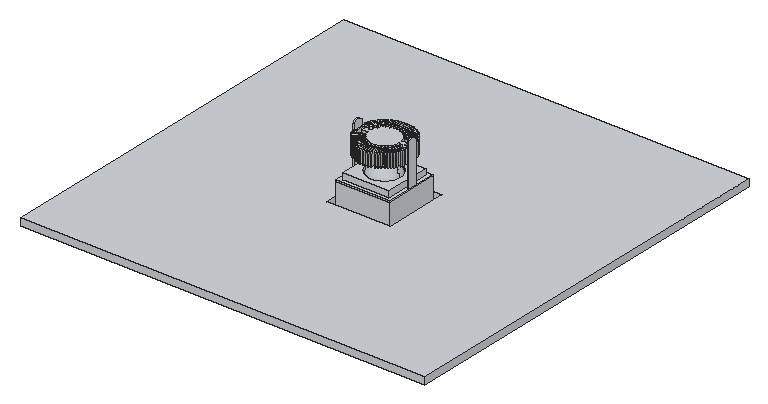
Revit family "Ambiance-X100-Square", category Lighting Fixtures, Revit 2014
Parameters (values of type "Ambiance X100 - Square")
  Wattage Comments = "15.2"
  Wattage = 8.3 W
  built-in parameter 1150110 = 1 (stored number, unit not read)
  Type Comments = "Recessed"
  Type = "Recessed Downlighter"
  built-in parameter 1114217 = 1 (stored number, unit not read)
  Tilt Angle = 90.00°
  built-in parameter 1150109 = 1 (stored number, unit not read)
  built-in parameter 1150134 = (empty or 0)
  built-in parameter 1150113 = 1 (stored number, unit not read)
  Photometric Web File = "G2064.ies"
  Dimension (mm) = "100 x 100"
  Model = "Ambiance X100 - Square"
  Manufacturer = "Designed Architectural Lighting"
  Luminous flux of luminaire (lm) = "Up to 2000 lumens"
  Lumens = 1049.95 lm
  built-in parameter 1150115 = 1 (stored number, unit not read)
  built-in parameter 1150105 = 83.552 (stored number, unit not read)
  built-in parameter 1150137 = (empty or 0)
  built-in parameter 1150139 = (empty or 0)
  built-in parameter 1150112 = 1 (stored number, unit not read)
  built-in parameter 1150114 = 1 (stored number, unit not read)
  Lamp = "LED"
  built-in parameter 1150132 = (empty or 0)
  built-in parameter 1150102 = (empty or 0)
  built-in parameter 1150138 = (empty or 0)
  built-in parameter 1150107 = 3000 (stored number, unit not read)
  built-in parameter 1150106 = 0.83552 (stored number, unit not read)
  Height (mm) = "120"
  built-in parameter 1150104 = 11.752 (stored number, unit not read)
  Dimming Lamp Color Temperature Shift = <None>
  Description = "Recessed LED square downlighter"
  Cut Out (mm) = "95 x 95"
  Colour temperature (K) = "2700 / 3000/ 3500 / 4000"
  Color Filter = 16777215
  CRI = "80"
  built-in parameter 1114218 = 1 (stored number, unit not read)
  built-in parameter 1150133 = 10 (stored number, unit not read)
  Apparent Load = 15.2 VA
  Aperture (mm) = "80 x 80"
Reference planes
  plane 1 "Light Source Axis (F/B)": y = 0
  plane 2: z = 0
  plane 3 "Light Source Axis (L/R)": x = 0
  plane 4 "Light Source Elevation": z = 0
Forms (mm)
  Extrusion 1, solid
    sketch origin (0, 0, 0) x (1, 0, 0) y (0, 1, 0)
      loop
        line (-39.798, 40) -> (-39.798, -40.213) -> (39.884, -40.213) -> (39.884, 40) -> (-39.798, 40)
      loop
        line (-37.877, 38.063) -> (-37.877, -38.256) -> (37.85, -38.256) -> (37.85, 38.063) -> (-37.877, 38.063)
    from 0 to 39.72
  Extrusion 2, solid
    sketch origin (77.864, 1.33, 0) x (1, 0, 0) y (0, 1, 0)
      loop
        line (-40.014, 7.888) -> (-40.014, -5.776) -> (-37.98, -5.776) -> (-37.98, 7.888) -> (-40.014, 7.888)
    from 41.914 to 106.994
  Extrusion 3, void
    sketch origin (0, 2.077, 0.98) x (0, 1, 0) y (0, 0, 1)
      loop
        line (7.756, 98.378) -> (8.702, 98.378) -> (9.094, 105.848) -> (9.094, 107.291) -> (-7.99, 107.291) -> (-7.99, 100.73) -> (-7.36, 98.378)
        arc (-7.36, 98.378) -> (0.198, 105.935) -> (7.756, 98.378) r 7.558
    from 36.907 to 41.154
  Extrusion 4, solid
    sketch origin (-0.079, -0.545, 0) x (1, 0, 0) y (0, 1, 0)
      loop
        line (-39.719, 6.104) -> (-39.719, -7.399) -> (-37.798, -7.399) -> (-37.798, 6.104) -> (-39.719, 6.104)
    from 41.914 to 106.994
  Extrusion 5, void
    sketch origin (-76.006, -1.476, 0.856) x (0, 1, 0) y (0, 0, 1)
      loop
        line (7.756, 98.378) -> (8.122, 100.419) -> (8.122, 107.291) -> (-7.99, 107.291) -> (-7.99, 100.73) -> (-7.36, 98.378)
        arc (-7.36, 98.378) -> (0.198, 105.935) -> (7.756, 98.378) r 7.558
    from 35.2 to 39.278
  Extrusion 6, solid
    sketch origin (-17.5, -62.5, 0) x (1, 0, 0) y (0, 1, 0)
      loop
        line (-282.765, 362.833) -> (-282.765, -237.167) -> (317.235, -237.167) -> (317.235, 362.833) -> (-282.765, 362.833)
      loop
        line (-30.06, 110.675) -> (-30.06, 14.777) -> (64.88, 14.777) -> (64.88, 110.675) -> (-30.06, 110.675)
    from 3.099 to 13.747
  Revolve 7, solid
    sketch origin (0, 0, 0) x (1, 0, 0) y (0, 0, 1)
      loop
        line (24.699, 76.005) -> (0, 76.005) -> (0, 70.593) -> (24.699, 70.593) -> (24.699, 76.005)
      axis (0, 76.005) -> (0, 70.593)
    angle from 0 to 360
  Extrusion 8, solid
    sketch origin (-0.146, 0.745, -0.001) x (0.999137, 0.041546, 0) y (-0.041546, 0.999137, 0)
      loop
        line (8.036, -21.346) -> (9.763, -25.224)
        arc (9.763, -25.224) -> (9.158, -26.377) -> (9.105, -27.677) r 2.965
        line (9.105, -27.677) -> (12.96, -37.219)
        arc (12.96, -37.219) -> (13.673, -37.522) -> (13.976, -36.809) r 0.548
        line (13.976, -36.809) -> (10.23, -27.537)
        arc (10.23, -27.537) -> (10.843, -26.092) -> (12.288, -26.705) r 1.11
        line (12.288, -26.705) -> (16.28, -35.672)
        arc (16.28, -35.672) -> (17.02, -35.956) -> (17.304, -35.216) r 0.56
        line (17.304, -35.216) -> (13.182, -25.959)
        arc (13.182, -25.959) -> (12.31, -24.958) -> (11.028, -24.618) r 2.262
        line (11.028, -24.618) -> (9.403, -20.596) -> (11.989, -19.445) -> (14.463, -22.849)
        arc (14.463, -22.849) -> (14.111, -24.102) -> (14.33, -25.385) r 2.965
        line (14.33, -25.385) -> (20.084, -33.917)
        arc (20.084, -33.917) -> (20.845, -34.065) -> (20.992, -33.305) r 0.548
        line (20.992, -33.305) -> (15.4, -25.014)
        arc (15.4, -25.014) -> (15.7, -23.474) -> (17.241, -23.773) r 1.11
        line (17.241, -23.773) -> (23.009, -31.713)
        arc (23.009, -31.713) -> (23.792, -31.837) -> (23.916, -31.055) r 0.56
        line (23.916, -31.055) -> (17.96, -22.857)
        arc (17.96, -22.857) -> (16.899, -22.059) -> (15.574, -21.994) r 2.262
        line (15.574, -21.994) -> (13.148, -18.397) -> (15.119, -16.427) -> (18.389, -19.585)
        arc (18.389, -19.585) -> (18.26, -20.88) -> (18.699, -22.105) r 2.965
        line (18.699, -22.105) -> (25.847, -29.508)
        arc (25.847, -29.508) -> (26.622, -29.522) -> (26.635, -28.747) r 0.548
        line (26.635, -28.747) -> (19.689, -21.554)
        arc (19.689, -21.554) -> (19.716, -19.985) -> (21.285, -20.012) r 1.11
        line (21.285, -20.012) -> (28.346, -26.83)
        arc (28.346, -26.83) -> (29.138, -26.816) -> (29.124, -26.024) r 0.56
        line (29.124, -26.024) -> (21.835, -18.985)
        arc (21.835, -18.985) -> (20.652, -18.383) -> (19.335, -18.549) r 2.262
        line (19.335, -18.549) -> (16.322, -15.429) -> (18.148, -13.304) -> (21.857, -15.622)
        arc (21.857, -15.622) -> (22.001, -16.916) -> (22.684, -18.023) r 2.965
        line (22.684, -18.023) -> (31.216, -23.778)
        arc (31.216, -23.778) -> (31.976, -23.63) -> (31.828, -22.87) r 0.548
        line (31.828, -22.87) -> (23.538, -17.278)
        arc (23.538, -17.278) -> (23.238, -15.737) -> (24.779, -15.438) r 1.11
        line (24.779, -15.438) -> (33.102, -20.639)
        arc (33.102, -20.639) -> (33.874, -20.461) -> (33.696, -19.689) r 0.56
        line (33.696, -19.689) -> (25.103, -14.319)
        arc (25.103, -14.319) -> (23.821, -13.977) -> (22.567, -14.412) r 2.262
        line (22.567, -14.412) -> (18.971, -11.987) -> (20.87, -9.394) -> (24.954, -10.962)
        arc (24.954, -10.962) -> (25.341, -12.204) -> (26.224, -13.161) r 2.965
        line (26.224, -13.161) -> (35.697, -17.182)
        arc (35.697, -17.182) -> (36.415, -16.892) -> (36.125, -16.174) r 0.548
        line (36.125, -16.174) -> (26.92, -12.267)
        arc (26.92, -12.267) -> (26.332, -10.811) -> (27.787, -10.224) r 1.11
        line (27.787, -10.224) -> (36.95, -13.741)
        arc (36.95, -13.741) -> (37.673, -13.419) -> (37.351, -12.695) r 0.56
        line (37.351, -12.695) -> (27.891, -9.063)
        arc (27.891, -9.063) -> (26.567, -8.972) -> (25.42, -9.639) r 2.262
        line (25.42, -9.639) -> (21.427, -7.944) -> (22.262, -3.209) -> (24.741, -3.209)
        arc (24.741, -3.209) -> (29.592, -5.948) -> (34.984, -7.347) r 21.462
        line (34.984, -7.347) -> (36.065, -8.428) -> (39.133, -8.428) -> (39.133, -7.36) -> (36.601, -7.36) -> (36.601, 7.64) -> (39.186, 7.64) -> (39.186, 8.514) -> (36.351, 8.514) -> (34.984, 7.592) -> (34.984, -2.408)
        arc (34.984, -2.408) -> (34.341, -3.853) -> (32.76, -3.798) r 1.415
        line (32.76, -3.798) -> (31.024, -2.537) -> (31.024, 3.409) -> (22.339, 3.409) -> (21.555, 7.853) -> (25.597, 9.568)
        arc (25.597, 9.568) -> (26.744, 8.901) -> (28.067, 8.992) r 2.262
        line (28.067, 8.992) -> (37.528, 12.624)
        arc (37.528, 12.624) -> (37.85, 13.348) -> (37.126, 13.67) r 0.56
        line (37.126, 13.67) -> (27.963, 10.153)
        arc (27.963, 10.153) -> (26.508, 10.741) -> (27.096, 12.196) r 1.11
        line (27.096, 12.196) -> (36.301, 16.103)
        arc (36.301, 16.103) -> (36.591, 16.821) -> (35.873, 17.111) r 0.548
        line (35.873, 17.111) -> (26.4, 13.09)
        arc (26.4, 13.09) -> (25.518, 12.133) -> (25.13, 10.891) r 2.965
        line (25.13, 10.891) -> (21.047, 9.323) -> (19.147, 11.916) -> (22.744, 14.341)
        arc (22.744, 14.341) -> (23.997, 13.906) -> (25.279, 14.248) r 2.262
        line (25.279, 14.248) -> (33.873, 19.618)
        arc (33.873, 19.618) -> (34.051, 20.39) -> (33.279, 20.568) r 0.56
        line (33.279, 20.568) -> (24.955, 15.367)
        arc (24.955, 15.367) -> (23.415, 15.666) -> (23.714, 17.207) r 1.11
        line (23.714, 17.207) -> (32.005, 22.799)
        arc (32.005, 22.799) -> (32.152, 23.559) -> (31.392, 23.707) r 0.548
        line (31.392, 23.707) -> (22.861, 17.952)
        arc (22.861, 17.952) -> (22.177, 16.845) -> (22.034, 15.551) r 2.965
        line (22.034, 15.551) -> (18.324, 13.233) -> (16.498, 15.358) -> (19.512, 18.478)
        arc (19.512, 18.478) -> (20.828, 18.312) -> (22.011, 18.914) r 2.262
        line (22.011, 18.914) -> (29.3, 25.953)
        arc (29.3, 25.953) -> (29.314, 26.745) -> (28.522, 26.759) r 0.56
        line (28.522, 26.759) -> (21.462, 19.941)
        arc (21.462, 19.941) -> (19.893, 19.914) -> (19.865, 21.483) r 1.11
        line (19.865, 21.483) -> (26.812, 28.676)
        arc (26.812, 28.676) -> (26.798, 29.451) -> (26.024, 29.437) r 0.548
        line (26.024, 29.437) -> (18.875, 22.034)
        arc (18.875, 22.034) -> (18.437, 20.809) -> (18.566, 19.514) r 2.965
        line (18.566, 19.514) -> (15.419, 16.475) -> (13.325, 18.326) -> (15.751, 21.923)
        arc (15.751, 21.923) -> (17.076, 21.988) -> (18.136, 22.786) r 2.262
        line (18.136, 22.786) -> (24.092, 30.984)
        arc (24.092, 30.984) -> (23.969, 31.766) -> (23.186, 31.642) r 0.56
        line (23.186, 31.642) -> (17.417, 23.702)
        arc (17.417, 23.702) -> (15.876, 23.403) -> (15.577, 24.943) r 1.11
        line (15.577, 24.943) -> (21.169, 33.234)
        arc (21.169, 33.234) -> (21.021, 33.994) -> (20.261, 33.846) r 0.548
        line (20.261, 33.846) -> (14.506, 25.315)
        arc (14.506, 25.315) -> (14.287, 24.031) -> (14.639, 22.778) r 2.965
        line (14.639, 22.778) -> (12.068, 19.24) -> (9.579, 20.525) -> (11.204, 24.548)
        arc (11.204, 24.548) -> (12.487, 24.887) -> (13.358, 25.888) r 2.262
        line (13.358, 25.888) -> (17.48, 35.145)
        arc (17.48, 35.145) -> (17.196, 35.885) -> (16.456, 35.601) r 0.56
        line (16.456, 35.601) -> (12.464, 26.634)
        arc (12.464, 26.634) -> (11.02, 26.021) -> (10.406, 27.466) r 1.11
        line (10.406, 27.466) -> (14.152, 36.738)
        arc (14.152, 36.738) -> (13.85, 37.451) -> (13.137, 37.148) r 0.548
        line (13.137, 37.148) -> (9.282, 27.606)
        arc (9.282, 27.606) -> (9.334, 26.306) -> (9.939, 25.153) r 2.965
        line (9.939, 25.153) -> (8.16, 21.157) -> (5.456, 21.949) -> (6.209, 26.222)
        arc (6.209, 26.222) -> (7.393, 26.82) -> (8.038, 27.98) r 2.262
        line (8.038, 27.98) -> (10.144, 37.892)
        arc (10.144, 37.892) -> (9.713, 38.557) -> (9.048, 38.125) r 0.56
        line (9.048, 38.125) -> (7.008, 28.525)
        arc (7.008, 28.525) -> (5.722, 27.625) -> (4.822, 28.91) r 1.11
        line (4.822, 28.91) -> (6.558, 38.758)
        arc (6.558, 38.758) -> (6.114, 39.393) -> (5.48, 38.949) r 0.548
        line (5.48, 38.949) -> (3.693, 28.814)
        arc (3.693, 28.814) -> (4.015, 27.553) -> (4.846, 26.551) r 2.965
        line (4.846, 26.551) -> (3.936, 22.272) -> (0.629, 22.571) -> (0.629, 26.945)
        arc (0.629, 26.945) -> (1.65, 27.752) -> (2.227, 28.919) r 2.965
        line (2.227, 28.919) -> (2.586, 39.204)
        arc (2.586, 39.204) -> (2.058, 39.77) -> (1.492, 39.242) r 0.548
        line (1.492, 39.242) -> (1.143, 29.248)
        arc (1.143, 29.248) -> (-0.005, 28.178) -> (-1.076, 29.325) r 1.11
        line (-1.076, 29.325) -> (-1.076, 39.14)
        arc (-1.076, 39.14) -> (-1.636, 39.7) -> (-2.196, 39.14) r 0.56
        line (-2.196, 39.14) -> (-2.196, 29.007)
        arc (-2.196, 29.007) -> (-1.807, 27.738) -> (-0.773, 26.906) r 2.262
        line (-0.773, 26.906) -> (-0.925, 22.571) -> (-3.664, 22.35) -> (-4.573, 26.629)
        arc (-4.573, 26.629) -> (-3.742, 27.631) -> (-3.42, 28.892) r 2.965
        line (-3.42, 28.892) -> (-5.207, 39.026)
        arc (-5.207, 39.026) -> (-5.842, 39.471) -> (-6.286, 38.836) r 0.548
        line (-6.286, 38.836) -> (-4.55, 28.988)
        arc (-4.55, 28.988) -> (-5.45, 27.703) -> (-6.735, 28.603) r 1.11
        line (-6.735, 28.603) -> (-8.776, 38.203)
        arc (-8.776, 38.203) -> (-9.441, 38.635) -> (-9.872, 37.97) r 0.56
        line (-9.872, 37.97) -> (-7.765, 28.058)
        arc (-7.765, 28.058) -> (-7.121, 26.898) -> (-5.937, 26.3) r 2.262
        line (-5.937, 26.3) -> (-5.184, 22.027) -> (-7.888, 21.235) -> (-9.667, 25.231)
        arc (-9.667, 25.231) -> (-9.062, 26.384) -> (-9.009, 27.684) r 2.965
        line (-9.009, 27.684) -> (-12.864, 37.226)
        arc (-12.864, 37.226) -> (-13.577, 37.529) -> (-13.88, 36.816) r 0.548
        line (-13.88, 36.816) -> (-10.134, 27.544)
        arc (-10.134, 27.544) -> (-10.747, 26.099) -> (-12.192, 26.712) r 1.11
        line (-12.192, 26.712) -> (-16.184, 35.679)
        arc (-16.184, 35.679) -> (-16.924, 35.963) -> (-17.208, 35.223) r 0.56
        line (-17.208, 35.223) -> (-13.086, 25.966)
        arc (-13.086, 25.966) -> (-12.215, 24.965) -> (-10.932, 24.625) r 2.262
        line (-10.932, 24.625) -> (-9.307, 20.603) -> (-11.796, 19.318) -> (-14.367, 22.856)
        arc (-14.367, 22.856) -> (-14.015, 24.109) -> (-14.234, 25.393) r 2.965
        line (-14.234, 25.393) -> (-19.988, 33.924)
        arc (-19.988, 33.924) -> (-20.749, 34.072) -> (-20.897, 33.312) r 0.548
        line (-20.897, 33.312) -> (-15.305, 25.021)
        arc (-15.305, 25.021) -> (-15.604, 23.481) -> (-17.145, 23.78) r 1.11
        line (-17.145, 23.78) -> (-22.914, 31.72)
        arc (-22.914, 31.72) -> (-23.696, 31.844) -> (-23.82, 31.062) r 0.56
        line (-23.82, 31.062) -> (-17.864, 22.864)
        arc (-17.864, 22.864) -> (-16.804, 22.066) -> (-15.478, 22.001) r 2.262
        line (-15.478, 22.001) -> (-13.053, 18.404) -> (-15.147, 16.553) -> (-18.293, 19.592)
        arc (-18.293, 19.592) -> (-18.165, 20.887) -> (-18.603, 22.112) r 2.965
        line (-18.603, 22.112) -> (-25.752, 29.515)
        arc (-25.752, 29.515) -> (-26.526, 29.529) -> (-26.54, 28.754) r 0.548
        line (-26.54, 28.754) -> (-19.593, 21.561)
        arc (-19.593, 21.561) -> (-19.62, 19.992) -> (-21.19, 20.019) r 1.11
        line (-21.19, 20.019) -> (-28.25, 26.837)
        arc (-28.25, 26.837) -> (-29.042, 26.823) -> (-29.028, 26.031) r 0.56
        line (-29.028, 26.031) -> (-21.739, 18.992)
        arc (-21.739, 18.992) -> (-20.556, 18.39) -> (-19.24, 18.556) r 2.262
        line (-19.24, 18.556) -> (-16.226, 15.436) -> (-18.052, 13.311) -> (-21.761, 15.629)
        arc (-21.761, 15.629) -> (-21.905, 16.923) -> (-22.588, 18.03) r 2.965
        line (-22.588, 18.03) -> (-31.12, 23.785)
        arc (-31.12, 23.785) -> (-31.88, 23.637) -> (-31.732, 22.877) r 0.548
        line (-31.732, 22.877) -> (-23.442, 17.285)
        arc (-23.442, 17.285) -> (-23.143, 15.744) -> (-24.683, 15.445) r 1.11
        line (-24.683, 15.445) -> (-33.007, 20.646)
        arc (-33.007, 20.646) -> (-33.779, 20.468) -> (-33.6, 19.696) r 0.56
        line (-33.6, 19.696) -> (-25.007, 14.326)
        arc (-25.007, 14.326) -> (-23.725, 13.984) -> (-22.472, 14.419) r 2.262
        line (-22.472, 14.419) -> (-18.979, 12.063) -> (-20.774, 9.401) -> (-24.858, 10.969)
        arc (-24.858, 10.969) -> (-25.245, 12.211) -> (-26.128, 13.168) r 2.965
        line (-26.128, 13.168) -> (-35.601, 17.189)
        arc (-35.601, 17.189) -> (-36.319, 16.899) -> (-36.029, 16.181) r 0.548
        line (-36.029, 16.181) -> (-26.824, 12.274)
        arc (-26.824, 12.274) -> (-26.236, 10.819) -> (-27.691, 10.231) r 1.11
        line (-27.691, 10.231) -> (-36.854, 13.748)
        arc (-36.854, 13.748) -> (-37.578, 13.426) -> (-37.255, 12.702) r 0.56
        line (-37.255, 12.702) -> (-27.795, 9.07)
        arc (-27.795, 9.07) -> (-26.471, 8.979) -> (-25.324, 9.646) r 2.262
        line (-25.324, 9.646) -> (-21.289, 7.933) -> (-22.142, 3.096) -> (-24.544, 3.096)
        arc (-24.544, 3.096) -> (-29.395, 5.836) -> (-34.788, 7.235) r 21.462
        line (-34.788, 7.235) -> (-35.869, 8.316) -> (-38.936, 8.316) -> (-38.936, 7.247) -> (-36.404, 7.247) -> (-36.404, -7.753) -> (-38.989, -7.753) -> (-38.989, -8.626) -> (-36.154, -8.626) -> (-34.788, -7.705) -> (-34.788, 2.295)
        arc (-34.788, 2.295) -> (-34.144, 3.741) -> (-32.563, 3.686) r 1.415
        line (-32.563, 3.686) -> (-30.827, 2.424) -> (-30.827, -3.521) -> (-22.142, -3.521) -> (-21.155, -7.866) -> (-25.148, -9.561)
        arc (-25.148, -9.561) -> (-26.295, -8.894) -> (-27.619, -8.985) r 2.262
        line (-27.619, -8.985) -> (-37.079, -12.617)
        arc (-37.079, -12.617) -> (-37.401, -13.341) -> (-36.677, -13.663) r 0.56
        line (-36.677, -13.663) -> (-27.514, -10.146)
        arc (-27.514, -10.146) -> (-26.059, -10.734) -> (-26.647, -12.189) r 1.11
        line (-26.647, -12.189) -> (-35.852, -16.096)
        arc (-35.852, -16.096) -> (-36.142, -16.814) -> (-35.424, -17.104) r 0.548
        line (-35.424, -17.104) -> (-25.951, -13.083)
        arc (-25.951, -13.083) -> (-25.069, -12.126) -> (-24.681, -10.884) r 2.965
        line (-24.681, -10.884) -> (-20.598, -9.316) -> (-18.802, -11.978) -> (-22.295, -14.334)
        arc (-22.295, -14.334) -> (-23.548, -13.899) -> (-24.83, -14.241) r 2.262
        line (-24.83, -14.241) -> (-33.424, -19.611)
        arc (-33.424, -19.611) -> (-33.602, -20.383) -> (-32.83, -20.561) r 0.56
        line (-32.83, -20.561) -> (-24.507, -15.36)
        arc (-24.507, -15.36) -> (-22.966, -15.659) -> (-23.266, -17.2) r 1.11
        line (-23.266, -17.2) -> (-31.556, -22.792)
        arc (-31.556, -22.792) -> (-31.704, -23.552) -> (-30.943, -23.7) r 0.548
        line (-30.943, -23.7) -> (-22.412, -17.945)
        arc (-22.412, -17.945) -> (-21.728, -16.838) -> (-21.585, -15.544) r 2.965
        line (-21.585, -15.544) -> (-17.876, -13.226) -> (-16.05, -15.351) -> (-19.063, -18.471)
        arc (-19.063, -18.471) -> (-20.38, -18.305) -> (-21.562, -18.907) r 2.262
        line (-21.562, -18.907) -> (-28.852, -25.946)
        arc (-28.852, -25.946) -> (-28.866, -26.738) -> (-28.073, -26.752) r 0.56
        line (-28.073, -26.752) -> (-21.013, -19.934)
        arc (-21.013, -19.934) -> (-19.444, -19.907) -> (-19.417, -21.476) r 1.11
        line (-19.417, -21.476) -> (-26.363, -28.669)
        arc (-26.363, -28.669) -> (-26.35, -29.444) -> (-25.575, -29.43) r 0.548
        line (-25.575, -29.43) -> (-18.426, -22.027)
        arc (-18.426, -22.027) -> (-17.988, -20.802) -> (-18.117, -19.507) r 2.965
        line (-18.117, -19.507) -> (-14.971, -16.468) -> (-12.876, -18.319) -> (-15.302, -21.916)
        arc (-15.302, -21.916) -> (-16.627, -21.981) -> (-17.688, -22.779) r 2.262
        line (-17.688, -22.779) -> (-23.644, -30.977)
        arc (-23.644, -30.977) -> (-23.52, -31.759) -> (-22.737, -31.635) r 0.56
        line (-22.737, -31.635) -> (-16.968, -23.695)
        arc (-16.968, -23.695) -> (-15.428, -23.396) -> (-15.128, -24.936) r 1.11
        line (-15.128, -24.936) -> (-20.72, -33.227)
        arc (-20.72, -33.227) -> (-20.572, -33.987) -> (-19.812, -33.839) r 0.548
        line (-19.812, -33.839) -> (-14.057, -25.308)
        arc (-14.057, -25.308) -> (-13.838, -24.024) -> (-14.19, -22.771) r 2.965
        line (-14.19, -22.771) -> (-11.619, -19.233) -> (-9.13, -20.518) -> (-10.756, -24.541)
        arc (-10.756, -24.541) -> (-12.038, -24.88) -> (-12.91, -25.881) r 2.262
        line (-12.91, -25.881) -> (-17.031, -35.138)
        arc (-17.031, -35.138) -> (-16.747, -35.878) -> (-16.008, -35.594) r 0.56
        line (-16.008, -35.594) -> (-12.016, -26.627)
        arc (-12.016, -26.627) -> (-10.571, -26.014) -> (-9.958, -27.459) r 1.11
        line (-9.958, -27.459) -> (-13.704, -36.731)
        arc (-13.704, -36.731) -> (-13.401, -37.444) -> (-12.688, -37.141) r 0.548
        line (-12.688, -37.141) -> (-8.833, -27.599)
        arc (-8.833, -27.599) -> (-8.886, -26.299) -> (-9.49, -25.146) r 2.965
        line (-9.49, -25.146) -> (-7.711, -21.15) -> (-5.621, -22.23) -> (-6.224, -26.518)
        arc (-6.224, -26.518) -> (-7.386, -27.158) -> (-7.99, -28.34) r 2.262
        line (-7.99, -28.34) -> (-9.749, -38.319)
        arc (-9.749, -38.319) -> (-9.295, -38.968) -> (-8.646, -38.514) r 0.56
        line (-8.646, -38.514) -> (-6.942, -28.848)
        arc (-6.942, -28.848) -> (-5.688, -27.904) -> (-4.744, -29.157) r 1.11
        line (-4.744, -29.157) -> (-6.135, -39.06)
        arc (-6.135, -39.06) -> (-5.669, -39.678) -> (-5.051, -39.212) r 0.548
        line (-5.051, -39.212) -> (-3.618, -29.021)
        arc (-3.618, -29.021) -> (-3.984, -27.772) -> (-4.85, -26.8) r 2.965
        line (-4.85, -26.8) -> (-4.09, -22.492) -> (-0.819, -23.069) -> (-0.666, -27.446)
        arc (-0.666, -27.446) -> (-1.7, -28.278) -> (-2.089, -29.546) r 2.262
        line (-2.089, -29.546) -> (-2.089, -39.679)
        arc (-2.089, -39.679) -> (-1.529, -40.24) -> (-0.968, -39.679) r 0.56
        line (-0.968, -39.679) -> (-0.968, -29.865)
        arc (-0.968, -29.865) -> (0.102, -28.717) -> (1.25, -29.787) r 1.11
        line (1.25, -29.787) -> (1.599, -39.781)
        arc (1.599, -39.781) -> (2.165, -40.309) -> (2.694, -39.743) r 0.548
        line (2.694, -39.743) -> (2.334, -29.458)
        arc (2.334, -29.458) -> (1.757, -28.291) -> (0.736, -27.484) r 2.965
        line (0.736, -27.484) -> (0.736, -23.11) -> (4.345, -22.474) -> (5.122, -26.878)
        arc (5.122, -26.878) -> (4.256, -27.85) -> (3.891, -29.099) r 2.965
        line (3.891, -29.099) -> (5.323, -39.29)
        arc (5.323, -39.29) -> (5.941, -39.756) -> (6.408, -39.138) r 0.548
        line (6.408, -39.138) -> (5.016, -29.235)
        arc (5.016, -29.235) -> (5.96, -27.981) -> (7.214, -28.926) r 1.11
        line (7.214, -28.926) -> (8.918, -38.592)
        arc (8.918, -38.592) -> (9.567, -39.046) -> (10.022, -38.397) r 0.56
        line (10.022, -38.397) -> (8.262, -28.418)
        arc (8.262, -28.418) -> (7.658, -27.236) -> (6.496, -26.596) r 2.262
        line (6.496, -26.596) -> (5.892, -22.3) -> (8.036, -21.346)
    from 75.888 to 95.678
  Revolve 9, solid
    sketch origin (0, 0, 0) x (1, 0, 0) y (0, 0, 1)
      loop
        line (22.65, 70.593) -> (10.346, 70.593)
        arc (10.346, 70.593) -> (17.966, 56.504) -> (22.272, 41.075) r 71.759
        line (22.272, 41.075) -> (24.846, 41.075) -> (24.846, 43.229) -> (23.567, 43.229)
        arc (23.567, 43.229) -> (20.094, 56.639) -> (13.702, 68.928) r 61.36
        line (13.702, 68.928) -> (22.65, 68.928) -> (22.65, 70.593)
      axis (0, 70.593) -> (0, 41.075)
    angle from 0 to 360
  Extrusion 10, solid
    sketch origin (0, 0, 0) x (1, 0, 0) y (0, 1, 0)
      loop
        line (-40.116, 40) -> (-40.116, -40) -> (39.884, -40) -> (39.884, 40) -> (-40.116, 40)
      loop
        circle (0, 0) r 25
    from 39.72 to 41.914
  Extrusion 11, solid
    sketch origin (0, 0, 0) x (1, 0, 0) y (0, 1, 0)
      loop
        line (-34.053, 33.78) -> (-34.053, -33.718) -> (33.915, -33.718) -> (33.915, 33.78) -> (-34.053, 33.78)
      loop
        circle (0, 0) r 25
    from 41.914 to 50.168
  Extrusion 12, solid
    sketch origin (-0.202, 0, 0) x (1, 0, 0) y (0, 1, 0)
      loop
        line (-49.798, 50) -> (-49.798, -49.838) -> (50.169, -49.838) -> (50.169, 50) -> (-49.798, 50)
      loop
        line (-39.596, 40) -> (-39.596, -40.213) -> (40.086, -40.213) -> (40.086, 40) -> (-39.596, 40)
    from 0 to 3
Cuts and joins
  Extrusion 3, Extrusion 5 cuts Extrusion 2
  Extrusion 5 cuts Extrusion 4
Dimensions and locks
  aligned and locked: plane 3 "Light Source Axis (L/R)" to imposter light
  aligned and locked: plane 1 "Light Source Axis (F/B)" to imposter light
  aligned and locked: plane 4 "Light Source Elevation" to imposter light
  aligned and locked: level to plane 2
